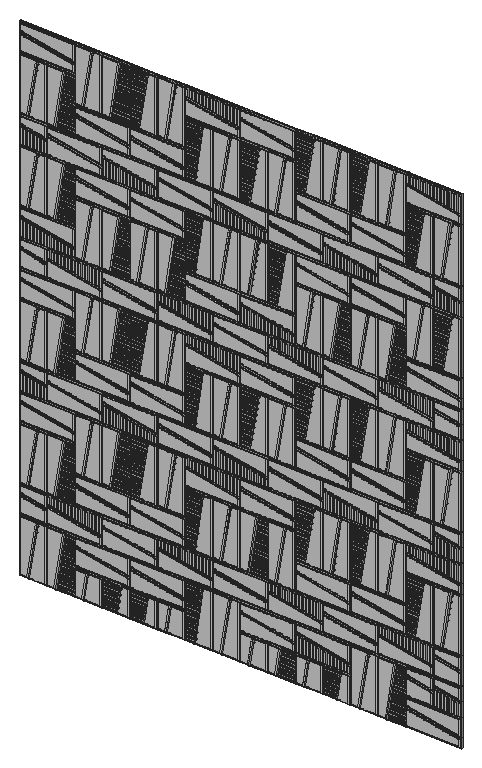
Revit family "SUR-CRV-023_RFA", category Modelos genéricos, Revit 2022 (continued)
Definition of nested family "SUR-CRV-023_B_2_RFA"
  Forms (in)
    Blend 49, solid, not visible
      top sketch origin (3.75, 0, 0) x (1, 0, 0) y (0, 0, 1)
        loop
          line (0.23622, 3.09941) -> (0.23622, 0.23622) -> (0.51378, 0.23622) -> (0.51378, 3.05315) -> (0.23622, 3.09941)
      from -0.35433 to -0.11811
    Blend 50, solid, not visible
      base sketch origin (3.75, 0, 0) x (1, 0, 0) y (0, 0, 1)
        loop
          line (0.23622, 3.09941) -> (0.23622, 0.23622) -> (0.51378, 0.23622) -> (0.51378, 3.05315) -> (0.23622, 3.09941)
      top sketch origin (3.75, 0, 0) x (1, 0, 0) y (0, 0, 1)
        loop
          line (0.35433, 2.96161) -> (0.35433, 0.35433) -> (0.39567, 0.35433) -> (0.39567, 2.95472) -> (0.35433, 2.96161)
      from -0.11811 to 0
    Blend 51, solid, not visible
      base sketch origin (4.5, 0, 0) x (1, 0, 0) y (0, 0, 1)
        loop
          line (0, 0) -> (0.75, 0) -> (0.75, 3.125) -> (0, 3.25) -> (0, 0)
      top sketch origin (4.5, 0, 0) x (1, 0, 0) y (0, 0, 1)
        loop
          line (0.23622, 2.97441) -> (0.23622, 0.23622) -> (0.51378, 0.23622) -> (0.51378, 2.92815) -> (0.23622, 2.97441)
      from -0.35433 to -0.11811
    Blend 52, solid, not visible
      base sketch origin (4.5, 0, 0) x (1, 0, 0) y (0, 0, 1)
        loop
          line (0.23622, 2.97441) -> (0.23622, 0.23622) -> (0.51378, 0.23622) -> (0.51378, 2.92815) -> (0.23622, 2.97441)
      top sketch origin (4.5, 0, 0) x (1, 0, 0) y (0, 0, 1)
        loop
          line (0.35433, 2.83661) -> (0.35433, 0.35433) -> (0.39567, 0.35433) -> (0.39567, 2.82972) -> (0.35433, 2.83661)
      from -0.11811 to 0
    Blend 53, solid, not visible
      base sketch origin (5.25, 0, 0) x (1, 0, 0) y (0, 0, 1)
        loop
          line (0, 0) -> (0.75, 0) -> (0.75, 3) -> (0, 3.125) -> (0, 0)
      top sketch origin (5.25, 0, 0) x (1, 0, 0) y (0, 0, 1)
        loop
          line (0.23622, 2.84941) -> (0.23622, 0.23622) -> (0.51378, 0.23622) -> (0.51378, 2.80315) -> (0.23622, 2.84941)
      from -0.35433 to -0.11811
    Blend 54, solid, not visible
      base sketch origin (5.25, 0, 0) x (1, 0, 0) y (0, 0, 1)
        loop
          line (0.23622, 2.84941) -> (0.23622, 0.23622) -> (0.51378, 0.23622) -> (0.51378, 2.80315) -> (0.23622, 2.84941)
      top sketch origin (5.25, 0, 0) x (1, 0, 0) y (0, 0, 1)
        loop
          line (0.35433, 2.71161) -> (0.35433, 0.35433) -> (0.39567, 0.35433) -> (0.39567, 2.70472) -> (0.35433, 2.71161)
      from -0.11811 to 0
    Blend 55, solid, not visible
      base sketch origin (6, 0, 0) x (1, 0, 0) y (0, 0, 1)
        loop
          line (0, 0) -> (0.75, 0) -> (0.75, 2.875) -> (0, 3) -> (0, 0)
      top sketch origin (6, 0, 0) x (1, 0, 0) y (0, 0, 1)
        loop
          line (0.23622, 2.72441) -> (0.23622, 0.23622) -> (0.51378, 0.23622) -> (0.51378, 2.67815) -> (0.23622, 2.72441)
      from -0.35433 to -0.11811
    Blend 56, solid, not visible
      base sketch origin (6, 0, 0) x (1, 0, 0) y (0, 0, 1)
        loop
          line (0.23622, 2.72441) -> (0.23622, 0.23622) -> (0.51378, 0.23622) -> (0.51378, 2.67815) -> (0.23622, 2.72441)
      top sketch origin (6, 0, 0) x (1, 0, 0) y (0, 0, 1)
        loop
          line (0.35433, 2.58661) -> (0.35433, 0.35433) -> (0.39567, 0.35433) -> (0.39567, 2.57972) -> (0.35433, 2.58661)
      from -0.11811 to 0
    Blend 57, solid, not visible
      base sketch origin (6.75, 0, 0) x (1, 0, 0) y (0, 0, 1)
        loop
          line (0, 0) -> (0.75, 0) -> (0.75, 2.75) -> (0, 2.875) -> (0, 0)
      top sketch origin (6.75, 0, 0) x (1, 0, 0) y (0, 0, 1)
        loop
          line (0.23622, 2.59941) -> (0.23622, 0.23622) -> (0.51378, 0.23622) -> (0.51378, 2.55315) -> (0.23622, 2.59941)
      from -0.35433 to -0.11811
    Blend 58, solid, not visible
      base sketch origin (6.75, 0, 0) x (1, 0, 0) y (0, 0, 1)
        loop
          line (0.23622, 2.59941) -> (0.23622, 0.23622) -> (0.51378, 0.23622) -> (0.51378, 2.55315) -> (0.23622, 2.59941)
      top sketch origin (6.75, 0, 0) x (1, 0, 0) y (0, 0, 1)
        loop
          line (0.35433, 2.46161) -> (0.35433, 0.35433) -> (0.39567, 0.35433) -> (0.39567, 2.45472) -> (0.35433, 2.46161)
      from -0.11811 to 0
    Blend 59, solid, not visible
      base sketch origin (7.5, 0, 0) x (1, 0, 0) y (0, 0, 1)
        loop
          line (0, 0) -> (0.75, 0) -> (0.75, 2.625) -> (0, 2.75) -> (0, 0)
      top sketch origin (7.5, 0, 0) x (1, 0, 0) y (0, 0, 1)
        loop
          line (0.23622, 2.47441) -> (0.23622, 0.23622) -> (0.51378, 0.23622) -> (0.51378, 2.42815) -> (0.23622, 2.47441)
      from -0.35433 to -0.11811
    Blend 60, solid, not visible
      base sketch origin (7.5, 0, 0) x (1, 0, 0) y (0, 0, 1)
        loop
          line (0.23622, 2.47441) -> (0.23622, 0.23622) -> (0.51378, 0.23622) -> (0.51378, 2.42815) -> (0.23622, 2.47441)
      top sketch origin (7.5, 0, 0) x (1, 0, 0) y (0, 0, 1)
        loop
          line (0.35433, 2.33661) -> (0.35433, 0.35433) -> (0.39567, 0.35433) -> (0.39567, 2.32972) -> (0.35433, 2.33661)
      from -0.11811 to 0
    Blend 61, solid, not visible
      base sketch origin (8.25, 0, 0) x (1, 0, 0) y (0, 0, 1)
        loop
          line (0, 0) -> (0.75, 0) -> (0.75, 2.5) -> (0, 2.625) -> (0, 0)
      top sketch origin (8.25, 0, 0) x (1, 0, 0) y (0, 0, 1)
        loop
          line (0.23622, 2.34941) -> (0.23622, 0.23622) -> (0.51378, 0.23622) -> (0.51378, 2.30315) -> (0.23622, 2.34941)
      from -0.35433 to -0.11811
    Blend 62, solid, not visible
      base sketch origin (8.25, 0, 0) x (1, 0, 0) y (0, 0, 1)
        loop
          line (0.23622, 2.34941) -> (0.23622, 0.23622) -> (0.51378, 0.23622) -> (0.51378, 2.30315) -> (0.23622, 2.34941)
      top sketch origin (8.25, 0, 0) x (1, 0, 0) y (0, 0, 1)
        loop
          line (0.35433, 2.21161) -> (0.35433, 0.35433) -> (0.39567, 0.35433) -> (0.39567, 2.20472) -> (0.35433, 2.21161)
      from -0.11811 to 0
    Blend 63, solid, not visible
      base sketch origin (9, 0, 0) x (1, 0, 0) y (0, 0, 1)
        loop
          line (0, 0) -> (0.75, 0) -> (0.75, 2.375) -> (0, 2.5) -> (0, 0)
      top sketch origin (9, 0, 0) x (1, 0, 0) y (0, 0, 1)
        loop
          line (0.23622, 2.22441) -> (0.23622, 0.23622) -> (0.51378, 0.23622) -> (0.51378, 2.17815) -> (0.23622, 2.22441)
      from -0.35433 to -0.11811
    Blend 64, solid, not visible
      base sketch origin (9, 0, 0) x (1, 0, 0) y (0, 0, 1)
        loop
          line (0.23622, 2.22441) -> (0.23622, 0.23622) -> (0.51378, 0.23622) -> (0.51378, 2.17815) -> (0.23622, 2.22441)
      top sketch origin (9, 0, 0) x (1, 0, 0) y (0, 0, 1)
        loop
          line (0.35433, 2.08661) -> (0.35433, 0.35433) -> (0.39567, 0.35433) -> (0.39567, 2.07972) -> (0.35433, 2.08661)
      from -0.11811 to 0
    Blend 65, solid, not visible
      base sketch origin (9.75, 0, 0) x (1, 0, 0) y (0, 0, 1)
        loop
          line (0, 0) -> (0.75, 0) -> (0.75, 2.25) -> (0, 2.375) -> (0, 0)
      top sketch origin (9.75, 0, 0) x (1, 0, 0) y (0, 0, 1)
        loop
          line (0.23622, 2.09941) -> (0.23622, 0.23622) -> (0.51378, 0.23622) -> (0.51378, 2.05315) -> (0.23622, 2.09941)
      from -0.35433 to -0.11811
    Blend 66, solid, not visible
      base sketch origin (9.75, 0, 0) x (1, 0, 0) y (0, 0, 1)
        loop
          line (0.23622, 2.09941) -> (0.23622, 0.23622) -> (0.51378, 0.23622) -> (0.51378, 2.05315) -> (0.23622, 2.09941)
      top sketch origin (9.75, 0, 0) x (1, 0, 0) y (0, 0, 1)
        loop
          line (0.35433, 1.96161) -> (0.35433, 0.35433) -> (0.39567, 0.35433) -> (0.39567, 1.95472) -> (0.35433, 1.96161)
      from -0.11811 to 0
    Blend 67, solid, not visible
      base sketch origin (10.5, 0, 0) x (1, 0, 0) y (0, 0, 1)
        loop
          line (0, 0) -> (0.75, 0) -> (0.75, 2.125) -> (0, 2.25) -> (0, 0)
      top sketch origin (10.5, 0, 0) x (1, 0, 0) y (0, 0, 1)
        loop
          line (0.23622, 1.97441) -> (0.23622, 0.23622) -> (0.51378, 0.23622) -> (0.51378, 1.92815) -> (0.23622, 1.97441)
      from -0.35433 to -0.11811
    Blend 68, solid, not visible
      base sketch origin (10.5, 0, 0) x (1, 0, 0) y (0, 0, 1)
        loop
          line (0.23622, 1.97441) -> (0.23622, 0.23622) -> (0.51378, 0.23622) -> (0.51378, 1.92815) -> (0.23622, 1.97441)
      top sketch origin (10.5, 0, 0) x (1, 0, 0) y (0, 0, 1)
        loop
          line (0.35433, 1.83661) -> (0.35433, 0.35433) -> (0.39567, 0.35433) -> (0.39567, 1.82972) -> (0.35433, 1.83661)
      from -0.11811 to 0
    Blend 69, solid, not visible
      base sketch origin (11.25, 0, 0) x (1, 0, 0) y (0, 0, 1)
        loop
          line (0, 0) -> (0.75, 0) -> (0.75, 2) -> (0, 2.125) -> (0, 0)
      top sketch origin (11.25, 0, 0) x (1, 0, 0) y (0, 0, 1)
        loop
          line (0.23622, 1.84941) -> (0.23622, 0.23622) -> (0.51378, 0.23622) -> (0.51378, 1.80315) -> (0.23622, 1.84941)
      from -0.35433 to -0.11811
    Blend 70, solid, not visible
      base sketch origin (11.25, 0, 0) x (1, 0, 0) y (0, 0, 1)
        loop
          line (0.23622, 1.84941) -> (0.23622, 0.23622) -> (0.51378, 0.23622) -> (0.51378, 1.80315) -> (0.23622, 1.84941)
      top sketch origin (11.25, 0, 0) x (1, 0, 0) y (0, 0, 1)
        loop
          line (0.35433, 1.71161) -> (0.35433, 0.35433) -> (0.39567, 0.35433) -> (0.39567, 1.70472) -> (0.35433, 1.71161)
      from -0.11811 to 0
  Dimensions and locks (in)
    aligned and locked: level to plane 2
Definition of nested family "SUR-CRV-023_C_2_RFA"
  Parameters (values of type "SUR-CRV-023_C_2_RFA")
    Default Elevation = 0.00"
  Reference planes (in)
    plane 1 "Centro (Frontal/Posterior)": y = 0
    plane 2: z = 0
    plane 3 "Centro (Izquierda/Derecha)": x = 0
  Forms (in)
    Extrusion 1, solid
      sketch origin (6, 0, 0) x (0, 0, 1) y (-1, 0, 0)
        loop
          line (0, 6) -> (0, 0) -> (6, 0) -> (6, 6) -> (0, 6)
      from -0.59055 to -0.35433
    Blend 2, solid
      base sketch origin (6, 0, 0) x (0, 0, 1) y (-1, 0, 0)
        loop
          line (0, 4) -> (6, 3) -> (6, 6) -> (0, 6) -> (0, 4)
      top sketch origin (6, 0, 0) x (0, 0, 1) y (-1, 0, 0)
        loop
          line (5.76378, 5.76378) -> (0.23622, 5.76378) -> (0.23622, 4.19685) -> (5.76378, 3.27559) -> (5.76378, 5.76378)
      from -0.35433 to -0.11811
    Blend 3, solid
      base sketch origin (6, 0, 0) x (0, 0, 1) y (-1, 0, 0)
        loop
          line (5.76378, 5.76378) -> (0.23622, 5.76378) -> (0.23622, 4.19685) -> (5.76378, 3.27559) -> (5.76378, 5.76378)
      top sketch origin (6, 0, 0) x (0, 0, 1) y (-1, 0, 0)
        loop
          line (5.64567, 3.41339) -> (5.64567, 5.64567) -> (0.35433, 5.64567) -> (0.35433, 4.29528) -> (5.64567, 3.41339)
      from -0.11811 to 0
    Blend 4, solid
      base sketch origin (6, 0, 5.25) x (0, 0, 1) y (-1, 0, 0)
        loop
          line (-5.25, 0) -> (0.75, 0) -> (0.75, 3) -> (-5.25, 4) -> (-5.25, 0)
      top sketch origin (6, 0, 5.25) x (0, 0, 1) y (-1, 0, 0)
        loop
          line (-5.01378, 3.72441) -> (-5.01378, 0.23622) -> (0.51378, 0.23622) -> (0.51378, 2.80315) -> (-5.01378, 3.72441)
      from -0.35433 to -0.11811
    Blend 5, solid
      base sketch origin (6, 0, 5.25) x (0, 0, 1) y (-1, 0, 0)
        loop
          line (-5.01378, 3.72441) -> (-5.01378, 0.23622) -> (0.51378, 0.23622) -> (0.51378, 2.80315) -> (-5.01378, 3.72441)
      top sketch origin (6, 0, 5.25) x (0, 0, 1) y (-1, 0, 0)
        loop
          line (-4.89567, 3.58661) -> (-4.89567, 0.35433) -> (0.39567, 0.35433) -> (0.39567, 2.70472) -> (-4.89567, 3.58661)
      from -0.11811 to 0
    Extrusion 6, solid, not visible
      sketch origin (0, 0, 0) x (1, 0, 0) y (0, 0, 1)
        loop
          line (0, 6) -> (0, 0) -> (6, 0) -> (6, 6) -> (0, 6)
      from -0.59055 to -0.35433
    Blend 7, solid, not visible
      base sketch origin (0, 0, 0) x (1, 0, 0) y (0, 0, 1)
        loop
          line (0, 4) -> (6, 3) -> (6, 6) -> (0, 6) -> (0, 4)
      top sketch origin (0, 0, 0) x (1, 0, 0) y (0, 0, 1)
        loop
          line (5.76378, 5.76378) -> (0.23622, 5.76378) -> (0.23622, 4.19685) -> (5.76378, 3.27559) -> (5.76378, 5.76378)
      from -0.35433 to -0.11811
    Blend 8, solid, not visible
      base sketch origin (0, 0, 0) x (1, 0, 0) y (0, 0, 1)
        loop
          line (5.76378, 5.76378) -> (0.23622, 5.76378) -> (0.23622, 4.19685) -> (5.76378, 3.27559) -> (5.76378, 5.76378)
      top sketch origin (0, 0, 0) x (1, 0, 0) y (0, 0, 1)
        loop
          line (5.64567, 3.41339) -> (5.64567, 5.64567) -> (0.35433, 5.64567) -> (0.35433, 4.29528) -> (5.64567, 3.41339)
      from -0.11811 to 0
    Blend 9, solid, not visible
      base sketch origin (5.25, 0, 0) x (1, 0, 0) y (0, 0, 1)
        loop
          line (-5.25, 0) -> (0.75, 0) -> (0.75, 3) -> (-5.25, 4) -> (-5.25, 0)
      top sketch origin (5.25, 0, 0) x (1, 0, 0) y (0, 0, 1)
        loop
          line (-5.01378, 3.72441) -> (-5.01378, 0.23622) -> (0.51378, 0.23622) -> (0.51378, 2.80315) -> (-5.01378, 3.72441)
      from -0.35433 to -0.11811
    Blend 10, solid, not visible
      base sketch origin (5.25, 0, 0) x (1, 0, 0) y (0, 0, 1)
        loop
          line (-5.01378, 3.72441) -> (-5.01378, 0.23622) -> (0.51378, 0.23622) -> (0.51378, 2.80315) -> (-5.01378, 3.72441)
      top sketch origin (5.25, 0, 0) x (1, 0, 0) y (0, 0, 1)
        loop
          line (-4.89567, 3.58661) -> (-4.89567, 0.35433) -> (0.39567, 0.35433) -> (0.39567, 2.70472) -> (-4.89567, 3.58661)
      from -0.11811 to 0
  Dimensions and locks (in)
    aligned and locked: level to plane 2
Definition of nested family "SUR-CRV-023_D_2_RFA"
  Parameters (values of type "SUR-CRV-023_D_2_RFA")
    Default Elevation = 0.00"
  Reference planes (in)
    plane 1 "Centro (Frontal/Posterior)": y = 0
    plane 2: z = 0
    plane 3 "Centro (Izquierda/Derecha)": x = 0
  Forms (in)
    Extrusion 1, solid
      sketch origin (0, 0, 6) x (0, 0, -1) y (1, 0, 0)
        loop
          line (0, 6) -> (0, 0) -> (6, 0) -> (6, 6) -> (0, 6)
      from -0.59055 to -0.35433
    Blend 2, solid
      base sketch origin (0, 0, 6) x (0, 0, -1) y (1, 0, 0)
        loop
          line (0, 0) -> (0.75, 0) -> (0.75, 3.875) -> (0, 4) -> (0, 0)
      top sketch origin (0, 0, 6) x (0, 0, -1) y (1, 0, 0)
        loop
          line (0.23622, 3.72441) -> (0.23622, 0.23622) -> (0.51378, 0.23622) -> (0.51378, 3.67815) -> (0.23622, 3.72441)
      from -0.35433 to -0.11811
    Blend 3, solid
      base sketch origin (0, 0, 6) x (0, 0, -1) y (1, 0, 0)
        loop
          line (0.23622, 3.72441) -> (0.23622, 0.23622) -> (0.51378, 0.23622) -> (0.51378, 3.67815) -> (0.23622, 3.72441)
      top sketch origin (0, 0, 6) x (0, 0, -1) y (1, 0, 0)
        loop
          line (0.35433, 3.58661) -> (0.35433, 0.35433) -> (0.39567, 0.35433) -> (0.39567, 3.57972) -> (0.35433, 3.58661)
      from -0.11811 to 0
    Blend 4, solid
      base sketch origin (0, 0, 6) x (0, 0, -1) y (1, 0, 0)
        loop
          line (0, 4) -> (6, 3) -> (6, 6) -> (0, 6) -> (0, 4)
      top sketch origin (0, 0, 6) x (0, 0, -1) y (1, 0, 0)
        loop
          line (5.76378, 5.76378) -> (0.23622, 5.76378) -> (0.23622, 4.19685) -> (5.76378, 3.27559) -> (5.76378, 5.76378)
      from -0.35433 to -0.11811
    Blend 5, solid
      base sketch origin (0, 0, 6) x (0, 0, -1) y (1, 0, 0)
        loop
          line (5.76378, 5.76378) -> (0.23622, 5.76378) -> (0.23622, 4.19685) -> (5.76378, 3.27559) -> (5.76378, 5.76378)
      top sketch origin (0, 0, 6) x (0, 0, -1) y (1, 0, 0)
        loop
          line (5.64567, 3.41339) -> (5.64567, 5.64567) -> (0.35433, 5.64567) -> (0.35433, 4.29528) -> (5.64567, 3.41339)
      from -0.11811 to 0
    Blend 6, solid
      base sketch origin (0, 0, 5.25) x (0, 0, -1) y (1, 0, 0)
        loop
          line (0, 0) -> (0.75, 0) -> (0.75, 3.75) -> (0, 3.875) -> (0, 0)
      top sketch origin (0, 0, 5.25) x (0, 0, -1) y (1, 0, 0)
        loop
          line (0.23622, 3.59941) -> (0.23622, 0.23622) -> (0.51378, 0.23622) -> (0.51378, 3.55315) -> (0.23622, 3.59941)
      from -0.35433 to -0.11811
    Blend 7, solid
      base sketch origin (0, 0, 5.25) x (0, 0, -1) y (1, 0, 0)
        loop
          line (0.23622, 3.59941) -> (0.23622, 0.23622) -> (0.51378, 0.23622) -> (0.51378, 3.55315) -> (0.23622, 3.59941)
      top sketch origin (0, 0, 5.25) x (0, 0, -1) y (1, 0, 0)
        loop
          line (0.35433, 3.46161) -> (0.35433, 0.35433) -> (0.39567, 0.35433) -> (0.39567, 3.45472) -> (0.35433, 3.46161)
      from -0.11811 to 0
    Blend 8, solid
      base sketch origin (0, 0, 4.5) x (0, 0, -1) y (1, 0, 0)
        loop
          line (0, 0) -> (0.75, 0) -> (0.75, 3.625) -> (0, 3.75) -> (0, 0)
      top sketch origin (0, 0, 4.5) x (0, 0, -1) y (1, 0, 0)
        loop
          line (0.23622, 3.47441) -> (0.23622, 0.23622) -> (0.51378, 0.23622) -> (0.51378, 3.42815) -> (0.23622, 3.47441)
      from -0.35433 to -0.11811
    Blend 9, solid
      base sketch origin (0, 0, 4.5) x (0, 0, -1) y (1, 0, 0)
        loop
          line (0.23622, 3.47441) -> (0.23622, 0.23622) -> (0.51378, 0.23622) -> (0.51378, 3.42815) -> (0.23622, 3.47441)
      top sketch origin (0, 0, 4.5) x (0, 0, -1) y (1, 0, 0)
        loop
          line (0.35433, 3.33661) -> (0.35433, 0.35433) -> (0.39567, 0.35433) -> (0.39567, 3.32972) -> (0.35433, 3.33661)
      from -0.11811 to 0
    Blend 10, solid
      base sketch origin (0, 0, 3.75) x (0, 0, -1) y (1, 0, 0)
        loop
          line (0, 0) -> (0.75, 0) -> (0.75, 3.5) -> (0, 3.625) -> (0, 0)
      top sketch origin (0, 0, 3.75) x (0, 0, -1) y (1, 0, 0)
        loop
          line (0.23622, 3.34941) -> (0.23622, 0.23622) -> (0.51378, 0.23622) -> (0.51378, 3.30315) -> (0.23622, 3.34941)
      from -0.35433 to -0.11811
    Blend 11, solid
      base sketch origin (0, 0, 3.75) x (0, 0, -1) y (1, 0, 0)
        loop
          line (0.23622, 3.34941) -> (0.23622, 0.23622) -> (0.51378, 0.23622) -> (0.51378, 3.30315) -> (0.23622, 3.34941)
      top sketch origin (0, 0, 3.75) x (0, 0, -1) y (1, 0, 0)
        loop
          line (0.35433, 3.21161) -> (0.35433, 0.35433) -> (0.39567, 0.35433) -> (0.39567, 3.20472) -> (0.35433, 3.21161)
      from -0.11811 to 0
    Blend 12, solid
      base sketch origin (0, 0, 3) x (0, 0, -1) y (1, 0, 0)
        loop
          line (0, 0) -> (0.75, 0) -> (0.75, 3.375) -> (0, 3.5) -> (0, 0)
      top sketch origin (0, 0, 3) x (0, 0, -1) y (1, 0, 0)
        loop
          line (0.23622, 3.22441) -> (0.23622, 0.23622) -> (0.51378, 0.23622) -> (0.51378, 3.17815) -> (0.23622, 3.22441)
      from -0.35433 to -0.11811
    Blend 13, solid
      base sketch origin (0, 0, 3) x (0, 0, -1) y (1, 0, 0)
        loop
          line (0.23622, 3.22441) -> (0.23622, 0.23622) -> (0.51378, 0.23622) -> (0.51378, 3.17815) -> (0.23622, 3.22441)
      top sketch origin (0, 0, 3) x (0, 0, -1) y (1, 0, 0)
        loop
          line (0.35433, 3.08661) -> (0.35433, 0.35433) -> (0.39567, 0.35433) -> (0.39567, 3.07972) -> (0.35433, 3.08661)
      from -0.11811 to 0
    Blend 14, solid
      base sketch origin (0, 0, 2.25) x (0, 0, -1) y (1, 0, 0)
        loop
          line (0, 0) -> (0.75, 0) -> (0.75, 3.25) -> (0, 3.375) -> (0, 0)
      top sketch origin (0, 0, 2.25) x (0, 0, -1) y (1, 0, 0)
        loop
          line (0.23622, 3.09941) -> (0.23622, 0.23622) -> (0.51378, 0.23622) -> (0.51378, 3.05315) -> (0.23622, 3.09941)
      from -0.35433 to -0.11811
    Blend 15, solid
      base sketch origin (0, 0, 2.25) x (0, 0, -1) y (1, 0, 0)
        loop
          line (0.23622, 3.09941) -> (0.23622, 0.23622) -> (0.51378, 0.23622) -> (0.51378, 3.05315) -> (0.23622, 3.09941)
      top sketch origin (0, 0, 2.25) x (0, 0, -1) y (1, 0, 0)
        loop
          line (0.35433, 2.96161) -> (0.35433, 0.35433) -> (0.39567, 0.35433) -> (0.39567, 2.95472) -> (0.35433, 2.96161)
      from -0.11811 to 0
    Blend 16, solid
      base sketch origin (0, 0, 1.5) x (0, 0, -1) y (1, 0, 0)
        loop
          line (0, 0) -> (0.75, 0) -> (0.75, 3.125) -> (0, 3.25) -> (0, 0)
      top sketch origin (0, 0, 1.5) x (0, 0, -1) y (1, 0, 0)
        loop
          line (0.23622, 2.97441) -> (0.23622, 0.23622) -> (0.51378, 0.23622) -> (0.51378, 2.92815) -> (0.23622, 2.97441)
      from -0.35433 to -0.11811
    Blend 17, solid
      base sketch origin (0, 0, 1.5) x (0, 0, -1) y (1, 0, 0)
        loop
          line (0.23622, 2.97441) -> (0.23622, 0.23622) -> (0.51378, 0.23622) -> (0.51378, 2.92815) -> (0.23622, 2.97441)
      top sketch origin (0, 0, 1.5) x (0, 0, -1) y (1, 0, 0)
        loop
          line (0.35433, 2.83661) -> (0.35433, 0.35433) -> (0.39567, 0.35433) -> (0.39567, 2.82972) -> (0.35433, 2.83661)
      from -0.11811 to 0
    Blend 18, solid
      base sketch origin (0, 0, 0.75) x (0, 0, -1) y (1, 0, 0)
        loop
          line (0, 0) -> (0.75, 0) -> (0.75, 3) -> (0, 3.125) -> (0, 0)
      top sketch origin (0, 0, 0.75) x (0, 0, -1) y (1, 0, 0)
        loop
          line (0.23622, 2.84941) -> (0.23622, 0.23622) -> (0.51378, 0.23622) -> (0.51378, 2.80315) -> (0.23622, 2.84941)
      from -0.35433 to -0.11811
    Blend 19, solid
      base sketch origin (0, 0, 0.75) x (0, 0, -1) y (1, 0, 0)
        loop
          line (0.23622, 2.84941) -> (0.23622, 0.23622) -> (0.51378, 0.23622) -> (0.51378, 2.80315) -> (0.23622, 2.84941)
      top sketch origin (0, 0, 0.75) x (0, 0, -1) y (1, 0, 0)
        loop
          line (0.35433, 2.71161) -> (0.35433, 0.35433) -> (0.39567, 0.35433) -> (0.39567, 2.70472) -> (0.35433, 2.71161)
      from -0.11811 to 0
    Extrusion 20, solid, not visible
      sketch origin (0, 0, 0) x (1, 0, 0) y (0, 0, 1)
        loop
          line (0, 6) -> (0, 0) -> (6, 0) -> (6, 6) -> (0, 6)
      from -0.59055 to -0.35433
    Blend 21, solid, not visible
      base sketch origin (0, 0, 0) x (1, 0, 0) y (0, 0, 1)
        loop
          line (0, 0) -> (0.75, 0) -> (0.75, 3.875) -> (0, 4) -> (0, 0)
      top sketch origin (0, 0, 0) x (1, 0, 0) y (0, 0, 1)
        loop
          line (0.23622, 3.72441) -> (0.23622, 0.23622) -> (0.51378, 0.23622) -> (0.51378, 3.67815) -> (0.23622, 3.72441)
      from -0.35433 to -0.11811
    Blend 22, solid, not visible
      base sketch origin (0, 0, 0) x (1, 0, 0) y (0, 0, 1)
        loop
          line (0.23622, 3.72441) -> (0.23622, 0.23622) -> (0.51378, 0.23622) -> (0.51378, 3.67815) -> (0.23622, 3.72441)
      top sketch origin (0, 0, 0) x (1, 0, 0) y (0, 0, 1)
        loop
          line (0.35433, 3.58661) -> (0.35433, 0.35433) -> (0.39567, 0.35433) -> (0.39567, 3.57972) -> (0.35433, 3.58661)
      from -0.11811 to 0
    Blend 23, solid, not visible
      base sketch origin (0, 0, 0) x (1, 0, 0) y (0, 0, 1)
        loop
          line (0, 4) -> (6, 3) -> (6, 6) -> (0, 6) -> (0, 4)
      top sketch origin (0, 0, 0) x (1, 0, 0) y (0, 0, 1)
        loop
          line (5.76378, 5.76378) -> (0.23622, 5.76378) -> (0.23622, 4.19685) -> (5.76378, 3.27559) -> (5.76378, 5.76378)
      from -0.35433 to -0.11811
    Blend 24, solid, not visible
      base sketch origin (0, 0, 0) x (1, 0, 0) y (0, 0, 1)
        loop
          line (5.76378, 5.76378) -> (0.23622, 5.76378) -> (0.23622, 4.19685) -> (5.76378, 3.27559) -> (5.76378, 5.76378)
      top sketch origin (0, 0, 0) x (1, 0, 0) y (0, 0, 1)
        loop
          line (5.64567, 3.41339) -> (5.64567, 5.64567) -> (0.35433, 5.64567) -> (0.35433, 4.29528) -> (5.64567, 3.41339)
      from -0.11811 to 0
    Blend 25, solid, not visible
      base sketch origin (0.75, 0, 0) x (1, 0, 0) y (0, 0, 1)
        loop
          line (0, 0) -> (0.75, 0) -> (0.75, 3.75) -> (0, 3.875) -> (0, 0)
      top sketch origin (0.75, 0, 0) x (1, 0, 0) y (0, 0, 1)
        loop
          line (0.23622, 3.59941) -> (0.23622, 0.23622) -> (0.51378, 0.23622) -> (0.51378, 3.55315) -> (0.23622, 3.59941)
      from -0.35433 to -0.11811
    Blend 26, solid, not visible
      base sketch origin (0.75, 0, 0) x (1, 0, 0) y (0, 0, 1)
        loop
          line (0.23622, 3.59941) -> (0.23622, 0.23622) -> (0.51378, 0.23622) -> (0.51378, 3.55315) -> (0.23622, 3.59941)
      top sketch origin (0.75, 0, 0) x (1, 0, 0) y (0, 0, 1)
        loop
          line (0.35433, 3.46161) -> (0.35433, 0.35433) -> (0.39567, 0.35433) -> (0.39567, 3.45472) -> (0.35433, 3.46161)
      from -0.11811 to 0
    Blend 27, solid, not visible
      base sketch origin (1.5, 0, 0) x (1, 0, 0) y (0, 0, 1)
        loop
          line (0, 0) -> (0.75, 0) -> (0.75, 3.625) -> (0, 3.75) -> (0, 0)
      top sketch origin (1.5, 0, 0) x (1, 0, 0) y (0, 0, 1)
        loop
          line (0.23622, 3.47441) -> (0.23622, 0.23622) -> (0.51378, 0.23622) -> (0.51378, 3.42815) -> (0.23622, 3.47441)
      from -0.35433 to -0.11811
    Blend 28, solid, not visible
      base sketch origin (1.5, 0, 0) x (1, 0, 0) y (0, 0, 1)
        loop
          line (0.23622, 3.47441) -> (0.23622, 0.23622) -> (0.51378, 0.23622) -> (0.51378, 3.42815) -> (0.23622, 3.47441)
      top sketch origin (1.5, 0, 0) x (1, 0, 0) y (0, 0, 1)
        loop
          line (0.35433, 3.33661) -> (0.35433, 0.35433) -> (0.39567, 0.35433) -> (0.39567, 3.32972) -> (0.35433, 3.33661)
      from -0.11811 to 0
    Blend 29, solid, not visible
      base sketch origin (2.25, 0, 0) x (1, 0, 0) y (0, 0, 1)
        loop
          line (0, 0) -> (0.75, 0) -> (0.75, 3.5) -> (0, 3.625) -> (0, 0)
      top sketch origin (2.25, 0, 0) x (1, 0, 0) y (0, 0, 1)
        loop
          line (0.23622, 3.34941) -> (0.23622, 0.23622) -> (0.51378, 0.23622) -> (0.51378, 3.30315) -> (0.23622, 3.34941)
      from -0.35433 to -0.11811
    Blend 30, solid, not visible
      base sketch origin (2.25, 0, 0) x (1, 0, 0) y (0, 0, 1)
        loop
          line (0.23622, 3.34941) -> (0.23622, 0.23622) -> (0.51378, 0.23622) -> (0.51378, 3.30315) -> (0.23622, 3.34941)
      top sketch origin (2.25, 0, 0) x (1, 0, 0) y (0, 0, 1)
        loop
          line (0.35433, 3.21161) -> (0.35433, 0.35433) -> (0.39567, 0.35433) -> (0.39567, 3.20472) -> (0.35433, 3.21161)
      from -0.11811 to 0
    Blend 31, solid, not visible
      base sketch origin (3, 0, 0) x (1, 0, 0) y (0, 0, 1)
        loop
          line (0, 0) -> (0.75, 0) -> (0.75, 3.375) -> (0, 3.5) -> (0, 0)
      top sketch origin (3, 0, 0) x (1, 0, 0) y (0, 0, 1)
        loop
          line (0.23622, 3.22441) -> (0.23622, 0.23622) -> (0.51378, 0.23622) -> (0.51378, 3.17815) -> (0.23622, 3.22441)
      from -0.35433 to -0.11811
    Blend 32, solid, not visible
      base sketch origin (3, 0, 0) x (1, 0, 0) y (0, 0, 1)
        loop
          line (0.23622, 3.22441) -> (0.23622, 0.23622) -> (0.51378, 0.23622) -> (0.51378, 3.17815) -> (0.23622, 3.22441)
      top sketch origin (3, 0, 0) x (1, 0, 0) y (0, 0, 1)
        loop
          line (0.35433, 3.08661) -> (0.35433, 0.35433) -> (0.39567, 0.35433) -> (0.39567, 3.07972) -> (0.35433, 3.08661)
      from -0.11811 to 0
    Blend 33, solid, not visible
      base sketch origin (3.75, 0, 0) x (1, 0, 0) y (0, 0, 1)
        loop
          line (0, 0) -> (0.75, 0) -> (0.75, 3.25) -> (0, 3.375) -> (0, 0)
      top sketch origin (3.75, 0, 0) x (1, 0, 0) y (0, 0, 1)
        loop
          line (0.23622, 3.09941) -> (0.23622, 0.23622) -> (0.51378, 0.23622) -> (0.51378, 3.05315) -> (0.23622, 3.09941)
      from -0.35433 to -0.11811
    Blend 34, solid, not visible
      base sketch origin (3.75, 0, 0) x (1, 0, 0) y (0, 0, 1)
        loop
          line (0.23622, 3.09941) -> (0.23622, 0.23622) -> (0.51378, 0.23622) -> (0.51378, 3.05315) -> (0.23622, 3.09941)
      top sketch origin (3.75, 0, 0) x (1, 0, 0) y (0, 0, 1)
        loop
          line (0.35433, 2.96161) -> (0.35433, 0.35433) -> (0.39567, 0.35433) -> (0.39567, 2.95472) -> (0.35433, 2.96161)
      from -0.11811 to 0
    Blend 35, solid, not visible
      base sketch origin (4.5, 0, 0) x (1, 0, 0) y (0, 0, 1)
        loop
          line (0, 0) -> (0.75, 0) -> (0.75, 3.125) -> (0, 3.25) -> (0, 0)
      top sketch origin (4.5, 0, 0) x (1, 0, 0) y (0, 0, 1)
        loop
          line (0.23622, 2.97441) -> (0.23622, 0.23622) -> (0.51378, 0.23622) -> (0.51378, 2.92815) -> (0.23622, 2.97441)
      from -0.35433 to -0.11811
    Blend 36, solid, not visible
      base sketch origin (4.5, 0, 0) x (1, 0, 0) y (0, 0, 1)
        loop
          line (0.23622, 2.97441) -> (0.23622, 0.23622) -> (0.51378, 0.23622) -> (0.51378, 2.92815) -> (0.23622, 2.97441)
      top sketch origin (4.5, 0, 0) x (1, 0, 0) y (0, 0, 1)
        loop
          line (0.35433, 2.83661) -> (0.35433, 0.35433) -> (0.39567, 0.35433) -> (0.39567, 2.82972) -> (0.35433, 2.83661)
      from -0.11811 to 0
    Blend 37, solid, not visible
      base sketch origin (5.25, 0, 0) x (1, 0, 0) y (0, 0, 1)
        loop
          line (0, 0) -> (0.75, 0) -> (0.75, 3) -> (0, 3.125) -> (0, 0)
      top sketch origin (5.25, 0, 0) x (1, 0, 0) y (0, 0, 1)
        loop
          line (0.23622, 2.84941) -> (0.23622, 0.23622) -> (0.51378, 0.23622) -> (0.51378, 2.80315) -> (0.23622, 2.84941)
      from -0.35433 to -0.11811
    Blend 38, solid, not visible
      base sketch origin (5.25, 0, 0) x (1, 0, 0) y (0, 0, 1)
        loop
          line (0.23622, 2.84941) -> (0.23622, 0.23622) -> (0.51378, 0.23622) -> (0.51378, 2.80315) -> (0.23622, 2.84941)
      top sketch origin (5.25, 0, 0) x (1, 0, 0) y (0, 0, 1)
        loop
          line (0.35433, 2.71161) -> (0.35433, 0.35433) -> (0.39567, 0.35433) -> (0.39567, 2.70472) -> (0.35433, 2.71161)
      from -0.11811 to 0
  Dimensions and locks (in)
    aligned and locked: level to plane 2
Definition of nested family "SUR-CRV-023_B_3_RFA"
  Parameters (values of type "SUR-CRV-023_B_3_RFA")
    Default Elevation = 0.00"
  Reference planes (in)
    plane 1 "Centro (Frontal/Posterior)": y = 0
    plane 2: z = 0
    plane 3 "Centro (Izquierda/Derecha)": x = 0
  Forms (in)
    Extrusion 1, solid
      sketch origin (12, 0, 6) x (-1, 0, 0) y (0, 0, -1)
        loop
          line (0, 6) -> (0, 0) -> (12, 0) -> (12, 6) -> (0, 6)
      from -0.59055 to -0.35433
    Blend 2, solid
      base sketch origin (12, 0, 6) x (-1, 0, 0) y (0, 0, -1)
        loop
          line (0, 0) -> (0.75, 0) -> (0.75, 3.875) -> (0, 4) -> (0, 0)
      top sketch origin (12, 0, 6) x (-1, 0, 0) y (0, 0, -1)
        loop
          line (0.23622, 3.72441) -> (0.23622, 0.23622) -> (0.51378, 0.23622) -> (0.51378, 3.67815) -> (0.23622, 3.72441)
      from -0.35433 to -0.11811
    Blend 3, solid
      base sketch origin (12, 0, 6) x (-1, 0, 0) y (0, 0, -1)
        loop
          line (0.23622, 3.72441) -> (0.23622, 0.23622) -> (0.51378, 0.23622) -> (0.51378, 3.67815) -> (0.23622, 3.72441)
      top sketch origin (12, 0, 6) x (-1, 0, 0) y (0, 0, -1)
        loop
          line (0.35433, 3.58661) -> (0.35433, 0.35433) -> (0.39567, 0.35433) -> (0.39567, 3.57972) -> (0.35433, 3.58661)
      from -0.11811 to 0
    Blend 4, solid
      base sketch origin (12, 0, 6) x (-1, 0, 0) y (0, 0, -1)
        loop
          line (0, 4) -> (12, 2) -> (12, 6) -> (0, 6) -> (0, 4)
      top sketch origin (12, 0, 6) x (-1, 0, 0) y (0, 0, -1)
        loop
          line (11.76378, 5.76378) -> (0.23622, 5.76378) -> (0.23622, 4.19685) -> (11.76378, 2.27559) -> (11.76378, 5.76378)
      from -0.35433 to -0.11811
    Blend 5, solid
      base sketch origin (12, 0, 6) x (-1, 0, 0) y (0, 0, -1)
        loop
          line (11.76378, 5.76378) -> (0.23622, 5.76378) -> (0.23622, 4.19685) -> (11.76378, 2.27559) -> (11.76378, 5.76378)
      top sketch origin (12, 0, 6) x (-1, 0, 0) y (0, 0, -1)
        loop
          line (11.64567, 2.41339) -> (11.64567, 5.64567) -> (0.35433, 5.64567) -> (0.35433, 4.29528) -> (11.64567, 2.41339)
      from -0.11811 to 0
    Blend 6, solid
      base sketch origin (11.25, 0, 6) x (-1, 0, 0) y (0, 0, -1)
        loop
          line (0, 0) -> (0.75, 0) -> (0.75, 3.75) -> (0, 3.875) -> (0, 0)
      top sketch origin (11.25, 0, 6) x (-1, 0, 0) y (0, 0, -1)
        loop
          line (0.23622, 3.59941) -> (0.23622, 0.23622) -> (0.51378, 0.23622) -> (0.51378, 3.55315) -> (0.23622, 3.59941)
      from -0.35433 to -0.11811
    Blend 7, solid
      base sketch origin (11.25, 0, 6) x (-1, 0, 0) y (0, 0, -1)
        loop
          line (0.23622, 3.59941) -> (0.23622, 0.23622) -> (0.51378, 0.23622) -> (0.51378, 3.55315) -> (0.23622, 3.59941)
      top sketch origin (11.25, 0, 6) x (-1, 0, 0) y (0, 0, -1)
        loop
          line (0.35433, 3.46161) -> (0.35433, 0.35433) -> (0.39567, 0.35433) -> (0.39567, 3.45472) -> (0.35433, 3.46161)
      from -0.11811 to 0
    Blend 8, solid
      base sketch origin (10.5, 0, 6) x (-1, 0, 0) y (0, 0, -1)
        loop
          line (0, 0) -> (0.75, 0) -> (0.75, 3.625) -> (0, 3.75) -> (0, 0)
      top sketch origin (10.5, 0, 6) x (-1, 0, 0) y (0, 0, -1)
        loop
          line (0.23622, 3.47441) -> (0.23622, 0.23622) -> (0.51378, 0.23622) -> (0.51378, 3.42815) -> (0.23622, 3.47441)
      from -0.35433 to -0.11811
    Blend 9, solid
      base sketch origin (10.5, 0, 6) x (-1, 0, 0) y (0, 0, -1)
        loop
          line (0.23622, 3.47441) -> (0.23622, 0.23622) -> (0.51378, 0.23622) -> (0.51378, 3.42815) -> (0.23622, 3.47441)
      top sketch origin (10.5, 0, 6) x (-1, 0, 0) y (0, 0, -1)
        loop
          line (0.35433, 3.33661) -> (0.35433, 0.35433) -> (0.39567, 0.35433) -> (0.39567, 3.32972) -> (0.35433, 3.33661)
      from -0.11811 to 0
    Blend 10, solid
      base sketch origin (9.75, 0, 6) x (-1, 0, 0) y (0, 0, -1)
        loop
          line (0, 0) -> (0.75, 0) -> (0.75, 3.5) -> (0, 3.625) -> (0, 0)
      top sketch origin (9.75, 0, 6) x (-1, 0, 0) y (0, 0, -1)
        loop
          line (0.23622, 3.34941) -> (0.23622, 0.23622) -> (0.51378, 0.23622) -> (0.51378, 3.30315) -> (0.23622, 3.34941)
      from -0.35433 to -0.11811
    Blend 11, solid
      base sketch origin (9.75, 0, 6) x (-1, 0, 0) y (0, 0, -1)
        loop
          line (0.23622, 3.34941) -> (0.23622, 0.23622) -> (0.51378, 0.23622) -> (0.51378, 3.30315) -> (0.23622, 3.34941)
      top sketch origin (9.75, 0, 6) x (-1, 0, 0) y (0, 0, -1)
        loop
          line (0.35433, 3.21161) -> (0.35433, 0.35433) -> (0.39567, 0.35433) -> (0.39567, 3.20472) -> (0.35433, 3.21161)
      from -0.11811 to 0
    Blend 12, solid
      base sketch origin (9, 0, 6) x (-1, 0, 0) y (0, 0, -1)
        loop
          line (0, 0) -> (0.75, 0) -> (0.75, 3.375) -> (0, 3.5) -> (0, 0)
      top sketch origin (9, 0, 6) x (-1, 0, 0) y (0, 0, -1)
        loop
          line (0.23622, 3.22441) -> (0.23622, 0.23622) -> (0.51378, 0.23622) -> (0.51378, 3.17815) -> (0.23622, 3.22441)
      from -0.35433 to -0.11811
    Blend 13, solid
      base sketch origin (9, 0, 6) x (-1, 0, 0) y (0, 0, -1)
        loop
          line (0.23622, 3.22441) -> (0.23622, 0.23622) -> (0.51378, 0.23622) -> (0.51378, 3.17815) -> (0.23622, 3.22441)
      top sketch origin (9, 0, 6) x (-1, 0, 0) y (0, 0, -1)
        loop
          line (0.35433, 3.08661) -> (0.35433, 0.35433) -> (0.39567, 0.35433) -> (0.39567, 3.07972) -> (0.35433, 3.08661)
      from -0.11811 to 0
    Blend 14, solid
      base sketch origin (8.25, 0, 6) x (-1, 0, 0) y (0, 0, -1)
        loop
          line (0, 0) -> (0.75, 0) -> (0.75, 3.25) -> (0, 3.375) -> (0, 0)
      top sketch origin (8.25, 0, 6) x (-1, 0, 0) y (0, 0, -1)
        loop
          line (0.23622, 3.09941) -> (0.23622, 0.23622) -> (0.51378, 0.23622) -> (0.51378, 3.05315) -> (0.23622, 3.09941)
      from -0.35433 to -0.11811
    Blend 15, solid
      base sketch origin (8.25, 0, 6) x (-1, 0, 0) y (0, 0, -1)
        loop
          line (0.23622, 3.09941) -> (0.23622, 0.23622) -> (0.51378, 0.23622) -> (0.51378, 3.05315) -> (0.23622, 3.09941)
      top sketch origin (8.25, 0, 6) x (-1, 0, 0) y (0, 0, -1)
        loop
          line (0.35433, 2.96161) -> (0.35433, 0.35433) -> (0.39567, 0.35433) -> (0.39567, 2.95472) -> (0.35433, 2.96161)
      from -0.11811 to 0
    Blend 16, solid
      base sketch origin (7.5, 0, 6) x (-1, 0, 0) y (0, 0, -1)
        loop
          line (0, 0) -> (0.75, 0) -> (0.75, 3.125) -> (0, 3.25) -> (0, 0)
      top sketch origin (7.5, 0, 6) x (-1, 0, 0) y (0, 0, -1)
        loop
          line (0.23622, 2.97441) -> (0.23622, 0.23622) -> (0.51378, 0.23622) -> (0.51378, 2.92815) -> (0.23622, 2.97441)
      from -0.35433 to -0.11811
    Blend 17, solid
      base sketch origin (7.5, 0, 6) x (-1, 0, 0) y (0, 0, -1)
        loop
          line (0.23622, 2.97441) -> (0.23622, 0.23622) -> (0.51378, 0.23622) -> (0.51378, 2.92815) -> (0.23622, 2.97441)
      top sketch origin (7.5, 0, 6) x (-1, 0, 0) y (0, 0, -1)
        loop
          line (0.35433, 2.83661) -> (0.35433, 0.35433) -> (0.39567, 0.35433) -> (0.39567, 2.82972) -> (0.35433, 2.83661)
      from -0.11811 to 0
    Blend 18, solid
      base sketch origin (6.75, 0, 6) x (-1, 0, 0) y (0, 0, -1)
        loop
          line (0, 0) -> (0.75, 0) -> (0.75, 3) -> (0, 3.125) -> (0, 0)
      top sketch origin (6.75, 0, 6) x (-1, 0, 0) y (0, 0, -1)
        loop
          line (0.23622, 2.84941) -> (0.23622, 0.23622) -> (0.51378, 0.23622) -> (0.51378, 2.80315) -> (0.23622, 2.84941)
      from -0.35433 to -0.11811
    Blend 19, solid
      base sketch origin (6.75, 0, 6) x (-1, 0, 0) y (0, 0, -1)
        loop
          line (0.23622, 2.84941) -> (0.23622, 0.23622) -> (0.51378, 0.23622) -> (0.51378, 2.80315) -> (0.23622, 2.84941)
      top sketch origin (6.75, 0, 6) x (-1, 0, 0) y (0, 0, -1)
        loop
          line (0.35433, 2.71161) -> (0.35433, 0.35433) -> (0.39567, 0.35433) -> (0.39567, 2.70472) -> (0.35433, 2.71161)
      from -0.11811 to 0
    Blend 20, solid
      base sketch origin (6, 0, 6) x (-1, 0, 0) y (0, 0, -1)
        loop
          line (0, 0) -> (0.75, 0) -> (0.75, 2.875) -> (0, 3) -> (0, 0)
      top sketch origin (6, 0, 6) x (-1, 0, 0) y (0, 0, -1)
        loop
          line (0.23622, 2.72441) -> (0.23622, 0.23622) -> (0.51378, 0.23622) -> (0.51378, 2.67815) -> (0.23622, 2.72441)
      from -0.35433 to -0.11811
    Blend 21, solid
      base sketch origin (6, 0, 6) x (-1, 0, 0) y (0, 0, -1)
        loop
          line (0.23622, 2.72441) -> (0.23622, 0.23622) -> (0.51378, 0.23622) -> (0.51378, 2.67815) -> (0.23622, 2.72441)
      top sketch origin (6, 0, 6) x (-1, 0, 0) y (0, 0, -1)
        loop
          line (0.35433, 2.58661) -> (0.35433, 0.35433) -> (0.39567, 0.35433) -> (0.39567, 2.57972) -> (0.35433, 2.58661)
      from -0.11811 to 0
    Blend 22, solid
      base sketch origin (5.25, 0, 6) x (-1, 0, 0) y (0, 0, -1)
        loop
          line (0, 0) -> (0.75, 0) -> (0.75, 2.75) -> (0, 2.875) -> (0, 0)
      top sketch origin (5.25, 0, 6) x (-1, 0, 0) y (0, 0, -1)
        loop
          line (0.23622, 2.59941) -> (0.23622, 0.23622) -> (0.51378, 0.23622) -> (0.51378, 2.55315) -> (0.23622, 2.59941)
      from -0.35433 to -0.11811
    Blend 23, solid
      base sketch origin (5.25, 0, 6) x (-1, 0, 0) y (0, 0, -1)
        loop
          line (0.23622, 2.59941) -> (0.23622, 0.23622) -> (0.51378, 0.23622) -> (0.51378, 2.55315) -> (0.23622, 2.59941)
      top sketch origin (5.25, 0, 6) x (-1, 0, 0) y (0, 0, -1)
        loop
          line (0.35433, 2.46161) -> (0.35433, 0.35433) -> (0.39567, 0.35433) -> (0.39567, 2.45472) -> (0.35433, 2.46161)
      from -0.11811 to 0
    Blend 24, solid
      base sketch origin (4.5, 0, 6) x (-1, 0, 0) y (0, 0, -1)
        loop
          line (0, 0) -> (0.75, 0) -> (0.75, 2.625) -> (0, 2.75) -> (0, 0)
      top sketch origin (4.5, 0, 6) x (-1, 0, 0) y (0, 0, -1)
        loop
          line (0.23622, 2.47441) -> (0.23622, 0.23622) -> (0.51378, 0.23622) -> (0.51378, 2.42815) -> (0.23622, 2.47441)
      from -0.35433 to -0.11811
    Blend 25, solid
      base sketch origin (4.5, 0, 6) x (-1, 0, 0) y (0, 0, -1)
        loop
          line (0.23622, 2.47441) -> (0.23622, 0.23622) -> (0.51378, 0.23622) -> (0.51378, 2.42815) -> (0.23622, 2.47441)
      top sketch origin (4.5, 0, 6) x (-1, 0, 0) y (0, 0, -1)
        loop
          line (0.35433, 2.33661) -> (0.35433, 0.35433) -> (0.39567, 0.35433) -> (0.39567, 2.32972) -> (0.35433, 2.33661)
      from -0.11811 to 0
    Blend 26, solid
      base sketch origin (3.75, 0, 6) x (-1, 0, 0) y (0, 0, -1)
        loop
          line (0, 0) -> (0.75, 0) -> (0.75, 2.5) -> (0, 2.625) -> (0, 0)
      top sketch origin (3.75, 0, 6) x (-1, 0, 0) y (0, 0, -1)
        loop
          line (0.23622, 2.34941) -> (0.23622, 0.23622) -> (0.51378, 0.23622) -> (0.51378, 2.30315) -> (0.23622, 2.34941)
      from -0.35433 to -0.11811
    Blend 27, solid
      base sketch origin (3.75, 0, 6) x (-1, 0, 0) y (0, 0, -1)
        loop
          line (0.23622, 2.34941) -> (0.23622, 0.23622) -> (0.51378, 0.23622) -> (0.51378, 2.30315) -> (0.23622, 2.34941)
      top sketch origin (3.75, 0, 6) x (-1, 0, 0) y (0, 0, -1)
        loop
          line (0.35433, 2.21161) -> (0.35433, 0.35433) -> (0.39567, 0.35433) -> (0.39567, 2.20472) -> (0.35433, 2.21161)
      from -0.11811 to 0
    Blend 28, solid
      base sketch origin (3, 0, 6) x (-1, 0, 0) y (0, 0, -1)
        loop
          line (0, 0) -> (0.75, 0) -> (0.75, 2.375) -> (0, 2.5) -> (0, 0)
      top sketch origin (3, 0, 6) x (-1, 0, 0) y (0, 0, -1)
        loop
          line (0.23622, 2.22441) -> (0.23622, 0.23622) -> (0.51378, 0.23622) -> (0.51378, 2.17815) -> (0.23622, 2.22441)
      from -0.35433 to -0.11811
    Blend 29, solid
      base sketch origin (3, 0, 6) x (-1, 0, 0) y (0, 0, -1)
        loop
          line (0.23622, 2.22441) -> (0.23622, 0.23622) -> (0.51378, 0.23622) -> (0.51378, 2.17815) -> (0.23622, 2.22441)
      top sketch origin (3, 0, 6) x (-1, 0, 0) y (0, 0, -1)
        loop
          line (0.35433, 2.08661) -> (0.35433, 0.35433) -> (0.39567, 0.35433) -> (0.39567, 2.07972) -> (0.35433, 2.08661)
      from -0.11811 to 0
    Blend 30, solid
      base sketch origin (2.25, 0, 6) x (-1, 0, 0) y (0, 0, -1)
        loop
          line (0, 0) -> (0.75, 0) -> (0.75, 2.25) -> (0, 2.375) -> (0, 0)
      top sketch origin (2.25, 0, 6) x (-1, 0, 0) y (0, 0, -1)
        loop
          line (0.23622, 2.09941) -> (0.23622, 0.23622) -> (0.51378, 0.23622) -> (0.51378, 2.05315) -> (0.23622, 2.09941)
      from -0.35433 to -0.11811
    Blend 31, solid
      base sketch origin (2.25, 0, 6) x (-1, 0, 0) y (0, 0, -1)
        loop
          line (0.23622, 2.09941) -> (0.23622, 0.23622) -> (0.51378, 0.23622) -> (0.51378, 2.05315) -> (0.23622, 2.09941)
      top sketch origin (2.25, 0, 6) x (-1, 0, 0) y (0, 0, -1)
        loop
          line (0.35433, 1.96161) -> (0.35433, 0.35433) -> (0.39567, 0.35433) -> (0.39567, 1.95472) -> (0.35433, 1.96161)
      from -0.11811 to 0
    Blend 32, solid
      base sketch origin (1.5, 0, 6) x (-1, 0, 0) y (0, 0, -1)
        loop
          line (0, 0) -> (0.75, 0) -> (0.75, 2.125) -> (0, 2.25) -> (0, 0)
      top sketch origin (1.5, 0, 6) x (-1, 0, 0) y (0, 0, -1)
        loop
          line (0.23622, 1.97441) -> (0.23622, 0.23622) -> (0.51378, 0.23622) -> (0.51378, 1.92815) -> (0.23622, 1.97441)
      from -0.35433 to -0.11811
    Blend 33, solid
      base sketch origin (1.5, 0, 6) x (-1, 0, 0) y (0, 0, -1)
        loop
          line (0.23622, 1.97441) -> (0.23622, 0.23622) -> (0.51378, 0.23622) -> (0.51378, 1.92815) -> (0.23622, 1.97441)
      top sketch origin (1.5, 0, 6) x (-1, 0, 0) y (0, 0, -1)
        loop
          line (0.35433, 1.83661) -> (0.35433, 0.35433) -> (0.39567, 0.35433) -> (0.39567, 1.82972) -> (0.35433, 1.83661)
      from -0.11811 to 0
    Blend 34, solid
      base sketch origin (0.75, 0, 6) x (-1, 0, 0) y (0, 0, -1)
        loop
          line (0, 0) -> (0.75, 0) -> (0.75, 2) -> (0, 2.125) -> (0, 0)
      top sketch origin (0.75, 0, 6) x (-1, 0, 0) y (0, 0, -1)
        loop
          line (0.23622, 1.84941) -> (0.23622, 0.23622) -> (0.51378, 0.23622) -> (0.51378, 1.80315) -> (0.23622, 1.84941)
      from -0.35433 to -0.11811
    Blend 35, solid
      base sketch origin (0.75, 0, 6) x (-1, 0, 0) y (0, 0, -1)
        loop
          line (0.23622, 1.84941) -> (0.23622, 0.23622) -> (0.51378, 0.23622) -> (0.51378, 1.80315) -> (0.23622, 1.84941)
      top sketch origin (0.75, 0, 6) x (-1, 0, 0) y (0, 0, -1)
        loop
          line (0.35433, 1.71161) -> (0.35433, 0.35433) -> (0.39567, 0.35433) -> (0.39567, 1.70472) -> (0.35433, 1.71161)
      from -0.11811 to 0
    Extrusion 36, solid, not visible
      sketch origin (0, 0, 0) x (1, 0, 0) y (0, 0, 1)
        loop
          line (0, 6) -> (0, 0) -> (12, 0) -> (12, 6) -> (0, 6)
      from -0.59055 to -0.35433
    Blend 37, solid, not visible
      base sketch origin (0, 0, 0) x (1, 0, 0) y (0, 0, 1)
        loop
          line (0, 0) -> (0.75, 0) -> (0.75, 3.875) -> (0, 4) -> (0, 0)
      top sketch origin (0, 0, 0) x (1, 0, 0) y (0, 0, 1)
        loop
          line (0.23622, 3.72441) -> (0.23622, 0.23622) -> (0.51378, 0.23622) -> (0.51378, 3.67815) -> (0.23622, 3.72441)
      from -0.35433 to -0.11811
    Blend 38, solid, not visible
      base sketch origin (0, 0, 0) x (1, 0, 0) y (0, 0, 1)
        loop
          line (0.23622, 3.72441) -> (0.23622, 0.23622) -> (0.51378, 0.23622) -> (0.51378, 3.67815) -> (0.23622, 3.72441)
      top sketch origin (0, 0, 0) x (1, 0, 0) y (0, 0, 1)
        loop
          line (0.35433, 3.58661) -> (0.35433, 0.35433) -> (0.39567, 0.35433) -> (0.39567, 3.57972) -> (0.35433, 3.58661)
      from -0.11811 to 0
    Blend 39, solid, not visible
      base sketch origin (0, 0, 0) x (1, 0, 0) y (0, 0, 1)
        loop
          line (0, 4) -> (12, 2) -> (12, 6) -> (0, 6) -> (0, 4)
      top sketch origin (0, 0, 0) x (1, 0, 0) y (0, 0, 1)
        loop
          line (11.76378, 5.76378) -> (0.23622, 5.76378) -> (0.23622, 4.19685) -> (11.76378, 2.27559) -> (11.76378, 5.76378)
      from -0.35433 to -0.11811
    Blend 40, solid, not visible
      base sketch origin (0, 0, 0) x (1, 0, 0) y (0, 0, 1)
        loop
          line (11.76378, 5.76378) -> (0.23622, 5.76378) -> (0.23622, 4.19685) -> (11.76378, 2.27559) -> (11.76378, 5.76378)
      top sketch origin (0, 0, 0) x (1, 0, 0) y (0, 0, 1)
        loop
          line (11.64567, 2.41339) -> (11.64567, 5.64567) -> (0.35433, 5.64567) -> (0.35433, 4.29528) -> (11.64567, 2.41339)
      from -0.11811 to 0
    Blend 41, solid, not visible
      base sketch origin (0.75, 0, 0) x (1, 0, 0) y (0, 0, 1)
        loop
          line (0, 0) -> (0.75, 0) -> (0.75, 3.75) -> (0, 3.875) -> (0, 0)
      top sketch origin (0.75, 0, 0) x (1, 0, 0) y (0, 0, 1)
        loop
          line (0.23622, 3.59941) -> (0.23622, 0.23622) -> (0.51378, 0.23622) -> (0.51378, 3.55315) -> (0.23622, 3.59941)
      from -0.35433 to -0.11811
    Blend 42, solid, not visible
      base sketch origin (0.75, 0, 0) x (1, 0, 0) y (0, 0, 1)
        loop
          line (0.23622, 3.59941) -> (0.23622, 0.23622) -> (0.51378, 0.23622) -> (0.51378, 3.55315) -> (0.23622, 3.59941)
      top sketch origin (0.75, 0, 0) x (1, 0, 0) y (0, 0, 1)
        loop
          line (0.35433, 3.46161) -> (0.35433, 0.35433) -> (0.39567, 0.35433) -> (0.39567, 3.45472) -> (0.35433, 3.46161)
      from -0.11811 to 0
    Blend 43, solid, not visible
      base sketch origin (1.5, 0, 0) x (1, 0, 0) y (0, 0, 1)
        loop
          line (0, 0) -> (0.75, 0) -> (0.75, 3.625) -> (0, 3.75) -> (0, 0)
      top sketch origin (1.5, 0, 0) x (1, 0, 0) y (0, 0, 1)
        loop
          line (0.23622, 3.47441) -> (0.23622, 0.23622) -> (0.51378, 0.23622) -> (0.51378, 3.42815) -> (0.23622, 3.47441)
      from -0.35433 to -0.11811
    Blend 44, solid, not visible
      base sketch origin (1.5, 0, 0) x (1, 0, 0) y (0, 0, 1)
        loop
          line (0.23622, 3.47441) -> (0.23622, 0.23622) -> (0.51378, 0.23622) -> (0.51378, 3.42815) -> (0.23622, 3.47441)
      top sketch origin (1.5, 0, 0) x (1, 0, 0) y (0, 0, 1)
        loop
          line (0.35433, 3.33661) -> (0.35433, 0.35433) -> (0.39567, 0.35433) -> (0.39567, 3.32972) -> (0.35433, 3.33661)
      from -0.11811 to 0
    Blend 45, solid, not visible
      base sketch origin (2.25, 0, 0) x (1, 0, 0) y (0, 0, 1)
        loop
          line (0, 0) -> (0.75, 0) -> (0.75, 3.5) -> (0, 3.625) -> (0, 0)
      top sketch origin (2.25, 0, 0) x (1, 0, 0) y (0, 0, 1)
        loop
          line (0.23622, 3.34941) -> (0.23622, 0.23622) -> (0.51378, 0.23622) -> (0.51378, 3.30315) -> (0.23622, 3.34941)
      from -0.35433 to -0.11811
    Blend 46, solid, not visible
      base sketch origin (2.25, 0, 0) x (1, 0, 0) y (0, 0, 1)
        loop
          line (0.23622, 3.34941) -> (0.23622, 0.23622) -> (0.51378, 0.23622) -> (0.51378, 3.30315) -> (0.23622, 3.34941)
      top sketch origin (2.25, 0, 0) x (1, 0, 0) y (0, 0, 1)
        loop
          line (0.35433, 3.21161) -> (0.35433, 0.35433) -> (0.39567, 0.35433) -> (0.39567, 3.20472) -> (0.35433, 3.21161)
      from -0.11811 to 0
    Blend 47, solid, not visible
      base sketch origin (3, 0, 0) x (1, 0, 0) y (0, 0, 1)
        loop
          line (0, 0) -> (0.75, 0) -> (0.75, 3.375) -> (0, 3.5) -> (0, 0)
      top sketch origin (3, 0, 0) x (1, 0, 0) y (0, 0, 1)
        loop
          line (0.23622, 3.22441) -> (0.23622, 0.23622) -> (0.51378, 0.23622) -> (0.51378, 3.17815) -> (0.23622, 3.22441)
      from -0.35433 to -0.11811
    Blend 48, solid, not visible
      base sketch origin (3, 0, 0) x (1, 0, 0) y (0, 0, 1)
        loop
          line (0.23622, 3.22441) -> (0.23622, 0.23622) -> (0.51378, 0.23622) -> (0.51378, 3.17815) -> (0.23622, 3.22441)
      top sketch origin (3, 0, 0) x (1, 0, 0) y (0, 0, 1)
        loop
          line (0.35433, 3.08661) -> (0.35433, 0.35433) -> (0.39567, 0.35433) -> (0.39567, 3.07972) -> (0.35433, 3.08661)
      from -0.11811 to 0
    Blend 49, solid, not visible
      base sketch origin (3.75, 0, 0) x (1, 0, 0) y (0, 0, 1)
        loop
          line (0, 0) -> (0.75, 0) -> (0.75, 3.25) -> (0, 3.375) -> (0, 0)
      top sketch origin (3.75, 0, 0) x (1, 0, 0) y (0, 0, 1)
        loop
          line (0.23622, 3.09941) -> (0.23622, 0.23622) -> (0.51378, 0.23622) -> (0.51378, 3.05315) -> (0.23622, 3.09941)
      from -0.35433 to -0.11811
    Blend 50, solid, not visible
      base sketch origin (3.75, 0, 0) x (1, 0, 0) y (0, 0, 1)
        loop
          line (0.23622, 3.09941) -> (0.23622, 0.23622) -> (0.51378, 0.23622) -> (0.51378, 3.05315) -> (0.23622, 3.09941)
      top sketch origin (3.75, 0, 0) x (1, 0, 0) y (0, 0, 1)
        loop
          line (0.35433, 2.96161) -> (0.35433, 0.35433) -> (0.39567, 0.35433) -> (0.39567, 2.95472) -> (0.35433, 2.96161)
      from -0.11811 to 0
    Blend 51, solid, not visible
      base sketch origin (4.5, 0, 0) x (1, 0, 0) y (0, 0, 1)
        loop
          line (0, 0) -> (0.75, 0) -> (0.75, 3.125) -> (0, 3.25) -> (0, 0)
      top sketch origin (4.5, 0, 0) x (1, 0, 0) y (0, 0, 1)
        loop
          line (0.23622, 2.97441) -> (0.23622, 0.23622) -> (0.51378, 0.23622) -> (0.51378, 2.92815) -> (0.23622, 2.97441)
      from -0.35433 to -0.11811
    Blend 52, solid, not visible
      base sketch origin (4.5, 0, 0) x (1, 0, 0) y (0, 0, 1)
        loop
          line (0.23622, 2.97441) -> (0.23622, 0.23622) -> (0.51378, 0.23622) -> (0.51378, 2.92815) -> (0.23622, 2.97441)
      top sketch origin (4.5, 0, 0) x (1, 0, 0) y (0, 0, 1)
        loop
          line (0.35433, 2.83661) -> (0.35433, 0.35433) -> (0.39567, 0.35433) -> (0.39567, 2.82972) -> (0.35433, 2.83661)
      from -0.11811 to 0
    Blend 53, solid, not visible
      base sketch origin (5.25, 0, 0) x (1, 0, 0) y (0, 0, 1)
        loop
          line (0, 0) -> (0.75, 0) -> (0.75, 3) -> (0, 3.125) -> (0, 0)
      top sketch origin (5.25, 0, 0) x (1, 0, 0) y (0, 0, 1)
        loop
          line (0.23622, 2.84941) -> (0.23622, 0.23622) -> (0.51378, 0.23622) -> (0.51378, 2.80315) -> (0.23622, 2.84941)
      from -0.35433 to -0.11811
    Blend 54, solid, not visible
      base sketch origin (5.25, 0, 0) x (1, 0, 0) y (0, 0, 1)
        loop
          line (0.23622, 2.84941) -> (0.23622, 0.23622) -> (0.51378, 0.23622) -> (0.51378, 2.80315) -> (0.23622, 2.84941)
      top sketch origin (5.25, 0, 0) x (1, 0, 0) y (0, 0, 1)
        loop
          line (0.35433, 2.71161) -> (0.35433, 0.35433) -> (0.39567, 0.35433) -> (0.39567, 2.70472) -> (0.35433, 2.71161)
      from -0.11811 to 0
    Blend 55, solid, not visible
      base sketch origin (6, 0, 0) x (1, 0, 0) y (0, 0, 1)
        loop
          line (0, 0) -> (0.75, 0) -> (0.75, 2.875) -> (0, 3) -> (0, 0)
      top sketch origin (6, 0, 0) x (1, 0, 0) y (0, 0, 1)
        loop
          line (0.23622, 2.72441) -> (0.23622, 0.23622) -> (0.51378, 0.23622) -> (0.51378, 2.67815) -> (0.23622, 2.72441)
      from -0.35433 to -0.11811
    Blend 56, solid, not visible
      base sketch origin (6, 0, 0) x (1, 0, 0) y (0, 0, 1)
        loop
          line (0.23622, 2.72441) -> (0.23622, 0.23622) -> (0.51378, 0.23622) -> (0.51378, 2.67815) -> (0.23622, 2.72441)
      top sketch origin (6, 0, 0) x (1, 0, 0) y (0, 0, 1)
        loop
          line (0.35433, 2.58661) -> (0.35433, 0.35433) -> (0.39567, 0.35433) -> (0.39567, 2.57972) -> (0.35433, 2.58661)
      from -0.11811 to 0
    Blend 57, solid, not visible
      base sketch origin (6.75, 0, 0) x (1, 0, 0) y (0, 0, 1)
        loop
          line (0, 0) -> (0.75, 0) -> (0.75, 2.75) -> (0, 2.875) -> (0, 0)
      top sketch origin (6.75, 0, 0) x (1, 0, 0) y (0, 0, 1)
        loop
          line (0.23622, 2.59941) -> (0.23622, 0.23622) -> (0.51378, 0.23622) -> (0.51378, 2.55315) -> (0.23622, 2.59941)
      from -0.35433 to -0.11811
    Blend 58, solid, not visible
      base sketch origin (6.75, 0, 0) x (1, 0, 0) y (0, 0, 1)
        loop
          line (0.23622, 2.59941) -> (0.23622, 0.23622) -> (0.51378, 0.23622) -> (0.51378, 2.55315) -> (0.23622, 2.59941)
      top sketch origin (6.75, 0, 0) x (1, 0, 0) y (0, 0, 1)
        loop
          line (0.35433, 2.46161) -> (0.35433, 0.35433) -> (0.39567, 0.35433) -> (0.39567, 2.45472) -> (0.35433, 2.46161)
      from -0.11811 to 0
